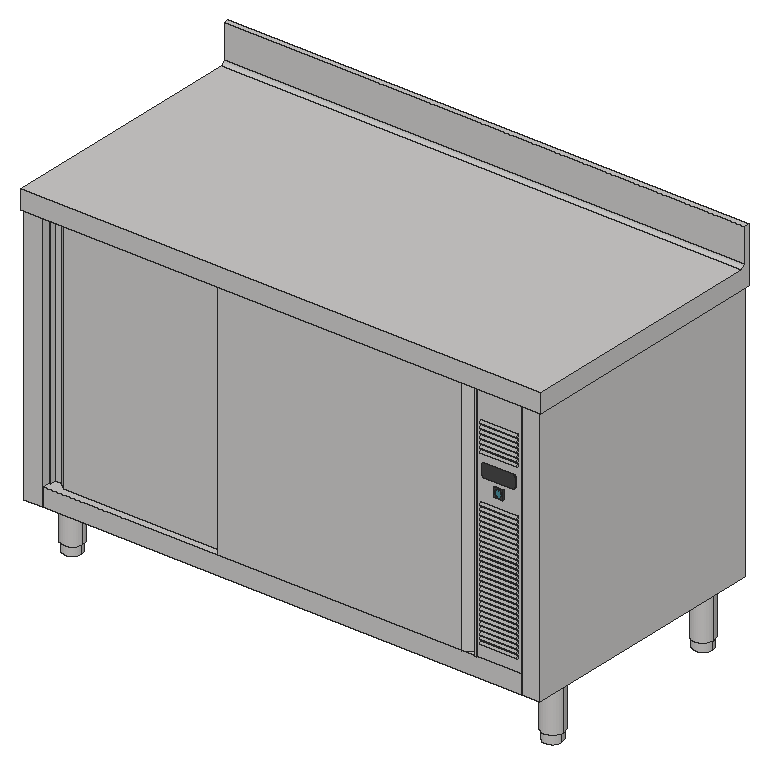
Revit family "QF_ZANUSSI_132792_MTC1410PN", category Attrezzature speciali, Revit 2020
Family settings
  Quota connettore circolare = Usa diametro
  Tipo di parte = Normale
  Basato su piano di lavoro = No
  Sempre verticale = Sì
  Taglio con vuoti quando caricato = No
  Condiviso = No
  Punto di calcolo locali = No
Parameters (values of type "Standard")
  Weight = 60.00 kg
  Watts = 2400 W
  Volts = 220 V
  URL Manufacturer = "http://www.zanussiprofessional.com"
  URL = "http://www.zanussiprofessional.com"
  Steam Supply Size = 0 mm
  Steam Supply Minimum Pressure = 0.0 Pa
  Steam Supply Maximum Pressure = 0.0 Pa
  Steam Consumption per Hour = 0
  Refrigeration Suction Line Size = 0.0 mm
  Refrigeration Liquid Line Size = 0.0 mm
  Refrigerant Compressor Remote = yes
  Prospetto di default = 0.0 mm
  Produttore = "Zanussi"
  Phase = 1
  Modello = "MTC1410PN"
  Length Actual = 1400.0 mm  # constant formula
  Item Number = "132792"
  Hot Water Size = 0 mm
  Height Actual = 1000.0 mm  # constant formula
  HP = "3.2 HP"
  Gas Size = 0 mm
  Gas KW = 0
  Gas Input Pressure = 0 W
  Direct Waste Size = 0 mm
  Descrizione = "HOT CUPB.VENT+UPST+SHELF+SLIDING D. 1400"
  Depth Actual = 700.0 mm  # constant formula
  Cycle = 50 Hz
  Condensate Return Size = 0 mm
  Compressed Air Volume = 0.0 L/s
  Compressed Air Size = 0 mm
  Compressed Air Pressure = 0.0 Pa
  Cold Water Size = 0 mm
  Accessory = yes
Reference planes
  plane 1 "Center (Front/Back)": y = 0
  plane 2: z = 0
  plane 3 "Center (Left/Right)": x = -200
  plane 4 "LEFT": x = -900
  plane 5 "RIGHT": x = 500
  plane 6 "BACK": y = 350
  plane 7 "FRONT": y = -350
  plane 8 "Base": z = 850
  plane 9 "TOP": z = 900
  plane 10: x = -846.5
  plane 11: x = 446.5
  plane 12: y = 264.5
  plane 13: y = -241.5
  plane 14 "BodyLeft": x = -894.5
  plane 15 "BodyFront": y = -344.5
  plane 16 "BodyRight": x = 494.5
  plane 17 "BodyBack": y = 344.5
  plane 18 "FEET": z = 150
  plane 19: x = 324.5
  plane 20: x = -261
  plane 21: x = 444.5
  plane 22 "EIx": x = 400
  plane 23 "EIy": y = -170
Forms (mm)
  Extrusion 1, solid, material "QF_Finishes_Stainless Steel"
    sketch origin (-200, 0, 0) x (0, 1, 0) y (0, 0, 1)
      loop
        line (-350, 850) -> (350, 850) -> (350, 1000) -> (337, 1000) -> (337, 910)
        arc (337, 910) -> (334.071, 902.929) -> (327, 900) r 10
        line (327, 900) -> (-350, 900) -> (-350, 850)
    from 700 to -700
  Extrusion 2, solid, material "QF_Finishes_Stainless Steel"
    sketch origin (0, 0, 150) x (-1, 0, 0) y (0, -1, 0)
      loop
        line (894.5, -344.5) -> (894.5, 344.5) -> (844.5, 344.5) -> (844.5, -344.5) -> (894.5, -344.5)
      loop
        line (-444.5, -344.5) -> (-444.5, 344.5) -> (-494.5, 344.5) -> (-494.5, -344.5) -> (-444.5, -344.5)
    from 0 to 700
  Extrusion 3, solid, material "QF_Finishes_Stainless Steel"
    sketch origin (0, 0, 150) x (-1, 0, 0) y (0, -1, 0)
      loop
        line (844.5, -344.5) -> (844.5, 344.5) -> (-444.5, 344.5) -> (-444.5, -344.5) -> (844.5, -344.5)
    from 0 to 50
  Extrusion 4, solid, material "QF_Finishes_Stainless Steel"
    sketch origin (-1, 0, 150) x (-1, 0, 0) y (0, -1, 0)
      loop
        line (-325.5, 344.5) -> (-325.5, 324.5) -> (370.5, 324.5) -> (370.5, 344.5) -> (-285.5, 344.5) -> (-305.5, 329.5) -> (-320.5, 329.5) -> (-320.5, 344.5) -> (-325.5, 344.5)
    from 50 to 700
  Extrusion 5, solid, material "QF_Finishes_Stainless Steel"
    sketch origin (1, 20, 150) x (1, 0, 0) y (0, 1, 0)
      loop
        line (-845.5, -344.5) -> (-840.5, -344.5) -> (-840.5, -329.5) -> (-825.5, -329.5) -> (-805.5, -344.5) -> (-151.5, -344.5) -> (-151.5, -324.5) -> (-845.5, -324.5) -> (-845.5, -344.5)
    from 50 to 700
  Extrusion 6, solid, material "QF_Finishes_Stainless Steel"
    sketch origin (0, 0, 0) x (1, 0, 0) y (0, 1, 0)
      loop
        line (-844.5, -304.5) -> (324.5, -304.5) -> (324.5, 324.5) -> (-844.5, 324.5) -> (-844.5, -304.5)
    from 500 to 540
  Extrusion 7, solid, material "QF_Finishes_Stainless Steel"
    sketch origin (0, 0, 0) x (1, 0, 0) y (0, 1, 0)
      loop
        line (444.5, 344.5) -> (-844.5, 344.5) -> (-844.5, 324.5) -> (444.5, 324.5) -> (444.5, 344.5)
    from 200 to 850
  Extrusion 8, solid, material "QF_Finishes_Stainless Steel"
    sketch origin (0, 0, 150) x (-1, 0, 0) y (0, -1, 0)
      loop
        circle (-400, 170) r 10
    from 0 to -5
Cuts and joins
  joined: Extrusion 3, Extrusion 7
Lines and regions (mm)
  symbolic lines
    curve 1: line (500, 350, 900) -> (-900, 350, 900)
    curve 2: line (-900, 350, 900) -> (-900, -350, 900)
    curve 3: line (-900, -350, 900) -> (500, -350, 900)
    curve 4: line (500, -350, 900) -> (500, 350, 900)
    curve 15: line (500, 337, 900) -> (-900, 337, 900)
  symbolic lines, style "SpecialityEquipmentHiddenLines"
    curve 5: line (-894.5, 344.5, 150) -> (494.5, 344.5, 150)
    curve 6: line (-894.5, -344.5, 150) -> (-894.5, 344.5, 150)
    curve 7: line (494.5, -344.5, 150) -> (-894.5, -344.5, 150)
    curve 8: line (494.5, 344.5, 150) -> (494.5, -344.5, 150)
    curve 9: line (-845.5, -304.5, 150) -> (-149.5, -304.5, 150)
    curve 10: line (-149.5, -304.5, 150) -> (-149.5, -324.5, 150)
    curve 11: line (-845.5, -324.5, 150) -> (324.5, -324.5, 150)
    curve 12: line (324.5, -324.5, 150) -> (324.5, -344.5, 150)
    curve 13: line (-845.5, -304.5, 150) -> (-845.5, -324.5, 150)
    curve 14: line (-371.5, -344.5, 0) -> (-371.5, -324.5, 0)
Dimensions and locks
  plane 4 "LEFT" to plane 5 "RIGHT" = 1400.0 mm
  equal spacing: plane 4 "LEFT", plane 3 "Center (Left/Right)", plane 5 "RIGHT"
  locked: plane 8 "Base" to level at 850
  plane 9 "TOP" to level = 900.0 mm
  plane 6 "BACK" to plane 7 "FRONT" = 700.0 mm
  equal spacing: plane 6 "BACK", plane 1 "Center (Front/Back)", plane 7 "FRONT"
  locked: plane 4 "LEFT" to plane 14 "BodyLeft" at 5.5
  locked: plane 16 "BodyRight" to plane 5 "RIGHT" at 5.5
  locked: plane 15 "BodyFront" to plane 7 "FRONT" at 5.5
  locked: plane 6 "BACK" to plane 17 "BodyBack" at 5.5
  locked: plane 14 "BodyLeft" to plane 10 at 48
  locked: plane 11 to plane 16 "BodyRight" at 48
  locked: plane 13 to plane 15 "BodyFront" at 103
  locked: plane 17 "BodyBack" to plane 12 at 80
  plane 10 to plane 11 = 1293.0 mm
  plane 12 to plane 13 = 506.0 mm
  locked: plane 14 "BodyLeft" to Extrusion 2 sketch curve at 50
  locked: Extrusion 2 sketch curve to Extrusion 2 sketch curve at 50
  equal spacing: plane 10, plane 20, plane 19
  locked: plane 21 to plane 16 "BodyRight" at 50
  locked: plane 19 to plane 21 at 120
  locked: Extrusion 4 sketch curve to plane 20 at 110.5
  locked: plane 20 to Extrusion 5 sketch curve at 110.5
  locked: plane 18 "FEET" to level at 150
  locked: plane 22 "EIx" to plane 5 "RIGHT" at 100
  plane 23 "EIy" to plane 7 "FRONT" = 180.0 mm
  locked: Extrusion 1 to level at 1000
  aligned and locked: level to plane 2
  aligned and locked: plane 10 to nested 1
  aligned and locked: nested 1 to plane 13
  aligned and locked: plane 11 to nested 2
  aligned and locked: nested 2 to plane 13
  aligned and locked: plane 11 to nested 4
  aligned and locked: nested 4 to plane 12
  aligned and locked: plane 10 to nested 3
  aligned and locked: nested 3 to plane 12
  aligned and locked: Extrusion 1 to plane 4 "LEFT"
  aligned and locked: plane 5 "RIGHT" to Extrusion 1
  aligned and locked: curve 2 to plane 4 "LEFT"
  aligned and locked: plane 17 "BodyBack" to Extrusion 2 sketch curve
  aligned and locked: Extrusion 2 sketch curve to plane 15 "BodyFront"
  aligned and locked: Extrusion 2 sketch curve to plane 14 "BodyLeft"
  aligned and locked: plane 16 "BodyRight" to Extrusion 2 sketch curve
  aligned and locked: Extrusion 2 sketch curve to plane 17 "BodyBack"
  aligned and locked: plane 15 "BodyFront" to Extrusion 2 sketch curve
  aligned and locked: Extrusion 3 sketch curve to plane 17 "BodyBack"
  aligned and locked: plane 15 "BodyFront" to Extrusion 3 sketch curve
  aligned and locked: plane 8 "Base" to Extrusion 2
  aligned and locked: plane 8 "Base" to Extrusion 4
  aligned and locked: Extrusion 4 to Extrusion 3
  aligned and locked: Extrusion 1 to plane 8 "Base"
  aligned and locked: plane 9 "TOP" to Extrusion 1
  aligned and locked: curve 5 to plane 17 "BodyBack"
  aligned and locked: plane 14 "BodyLeft" to curve 6
  aligned and locked: plane 15 "BodyFront" to curve 7
  aligned and locked: plane 16 "BodyRight" to curve 8
  aligned and locked: Extrusion 3 to Extrusion 2  (x2)
  aligned and locked: Extrusion 6 sketch curve to Extrusion 2
  aligned and locked: Extrusion 6 sketch curve to Extrusion 5
  aligned and locked: nested 5 to plane 21
  aligned and locked: Extrusion 7 sketch curve to Extrusion 2
  aligned and locked: Extrusion 6 sketch curve to plane 19
Automatic sketch dimensions
  Extrusion 8 sketch curve to plane 22 "EIx" = 0.0 mm
  Extrusion 8 sketch curve to plane 23 "EIy" = 0.0 mm
  curve 14 to plane 15 "BodyFront" = 0.0 mm
  plane 15 "BodyFront" to curve 14 = 20.0 mm
  curve 14 to plane 20 = 110.5 mm
  curve 3 to plane 7 "FRONT" = 0.0 mm
  curve 15 to plane 5 "RIGHT" = 0.0 mm
  curve 4 to plane 6 "BACK" = 0.0 mm
  curve 15 to plane 17 "BodyBack" = 7.5 mm
  Extrusion 1 sketch curve to plane 7 "FRONT" = 0.0 mm
  Extrusion 1 sketch curve to plane 9 "TOP" = 0.0 mm
  Extrusion 1 sketch curve to plane 6 "BACK" = 0.0 mm
  Extrusion 1 sketch curve to plane 8 "Base" = 0.0 mm
  Extrusion 1 sketch curve to plane 17 "BodyBack" = 17.5 mm
  Extrusion 1 sketch curve to plane 17 "BodyBack" = 7.5 mm
  Extrusion 1 sketch curve to Extrusion 1 sketch curve = 90.0 mm
  Extrusion 3 sketch curve to plane 21 = 0.0 mm
  plane 10 to Extrusion 3 sketch curve = 2.0 mm
  Extrusion 4 sketch curve to plane 19 = 0.0 mm
  Extrusion 4 sketch curve to plane 15 "BodyFront" = 0.0 mm  (x2)
  Extrusion 4 sketch curve to Extrusion 4 sketch curve = 5.0 mm
  Extrusion 4 sketch curve to Extrusion 4 sketch curve = 15.0 mm  (x2)
  Extrusion 4 sketch curve to Extrusion 4 sketch curve = 20.0 mm  (x2)
  Extrusion 5 sketch curve to plane 15 "BodyFront" = 20.0 mm  (x2)
  Extrusion 5 sketch curve to plane 10 = 42.0 mm
  Extrusion 5 sketch curve to plane 10 = 22.0 mm
  Extrusion 5 sketch curve to plane 10 = 7.0 mm
  Extrusion 5 sketch curve to plane 10 = 2.0 mm
  Extrusion 5 sketch curve to Extrusion 5 sketch curve = 15.0 mm
  Extrusion 5 sketch curve to Extrusion 5 sketch curve = 20.0 mm
  curve 12 to plane 19 = 0.0 mm
  curve 7 to plane 15 "BodyFront" = 0.0 mm
  plane 3 "Center (Left/Right)" to curve 10 = 50.5 mm
  plane 10 to curve 13 = 1.0 mm
  plane 15 "BodyFront" to curve 9 = 40.0 mm
  plane 15 "BodyFront" to curve 11 = 20.0 mm
  Extrusion 6 sketch curve to plane 17 "BodyBack" = 20.0 mm
  Extrusion 7 sketch curve to plane 21 = 0.0 mm
  Extrusion 7 sketch curve to plane 17 "BodyBack" = 0.0 mm
  Extrusion 7 sketch curve to Extrusion 7 sketch curve = 20.0 mm
  radius of Extrusion 8 sketch curve = 10.0 mm
Nested families
  nested 1: "FEET_D58-150" at (-846.5, -241.5, 0), type "FEET_D58-150"
  nested 2: "FEET_D58-150" at (446.5, -241.5, 0), type "FEET_D58-150"
  nested 3: "FEET_D58-150" at (-846.5, 264.5, 0), type "FEET_D58-150"
  nested 4: "FEET_D58-150" at (446.5, 264.5, 0), type "FEET_D58-150"
  nested 5: "WT_PNL120x650" at (531.42, -304.5, 600) x (1, 0, 0) z (0, -1, 0), type "WT_PNL120x650"
    with Show Logo yes
Connectors
  electrical at (400, -170, 145)
    settings: on Extrusion 8, index 1, voltage 0 V, apparent load 0 VA, apparent load phase1 0 VA, apparent load phase2 0 VA, apparent load phase3 0 VA, power factor 1, load classification "Other", number of poles 1, system type 30, power factor state 1, is connector primary yes, connector utility no, sub classification motor no, connector description "Electrical connection"
Definition of nested family "FEET_D58-150"
  Parameters
    Default Elevation = 0.0 mm
    FEET = 150.0 mm
  Reference planes
    plane 1 "Center (Front/Back)": y = 0
    plane 2: z = 0
    plane 3 "Center (Left/Right)": x = 0
    plane 4: z = 150
  Forms (mm)
    Extrusion 1, solid
      sketch origin (0, 0, 0) x (1, 0, 0) y (0, 1, 0)
        loop
          circle (0, 0) r 25
      from 0 to 25
    Extrusion 2, solid
      sketch origin (0, 0, 0) x (1, 0, 0) y (0, 1, 0)
        loop
          circle (0.061, 0) r 29
      from 25 to 150 <- "FEET"
  Lines and regions (mm)
    symbolic lines
      curve 1: line (0, -1.503, 0) -> (0, 1.508, 0)
      curve 2: line (1.561, 0, 0) -> (-1.439, 0, 0)
  Dimensions and locks
    "FEET": plane 4 to plane 2
    aligned and locked: level to plane 2
  Automatic sketch dimensions
    plane 1 "Center (Front/Back)" to Extrusion 1 sketch curve = 0.0 mm
    Extrusion 1 sketch curve to plane 3 "Center (Left/Right)" = 0.0 mm
    plane 1 "Center (Front/Back)" to curve 2 = 0.0 mm
    curve 1 to plane 3 "Center (Left/Right)" = 0.0 mm
    curve 2 to plane 3 "Center (Left/Right)" = 1.439 mm
    plane 3 "Center (Left/Right)" to curve 2 = 1.561 mm
    plane 1 "Center (Front/Back)" to curve 1 = 1.503 mm
    curve 1 to plane 1 "Center (Front/Back)" = 1.508 mm
    plane 1 "Center (Front/Back)" to Extrusion 2 sketch curve = 0.0 mm
    plane 3 "Center (Left/Right)" to Extrusion 2 sketch curve = 0.061 mm
    radius of Extrusion 1 sketch curve = 25.0 mm
    radius of Extrusion 2 sketch curve = 29.0 mm
Definition of nested family "WT_PNL120x650"
  Parameters
    Show Logo [instance] = yes
    Default Elevation = 1219.2 mm
  Reference planes
    plane 1 "Center (Front/Back)": y = -75
    plane 2: z = 0
    plane 3 "Center (Left/Right)": x = -146.92
    plane 4: x = -206.92
    plane 5: x = -86.92
    plane 6: y = 250
    plane 7: y = -400
    plane 8 "TOP": z = 40
  Forms (mm)
    Extrusion 1, solid
      sketch origin (0, 0, 0) x (1, 0, 0) y (0, 1, 0)
        loop
          line (-1219.2, 1219.2) -> (-1219.2, -1219.2) -> (1219.2, -1219.2) -> (1219.2, 1219.2) -> (-1219.2, 1219.2)
      from 0 to -304.8
    Extrusion 2, solid
      sketch origin (0, 0, 0) x (1, 0, 0) y (0, 1, 0)
        loop
          line (-206.92, 250) -> (-206.92, -400) -> (-86.92, -400) -> (-86.92, 250) -> (-206.92, 250)
      from 0 to 40
    Extrusion 3, void
      sketch origin (0, 0, 40) x (-1, 0, 0) y (0, -1, 0)
        loop
          arc (101.92, -68.899) -> (103.795, -73.256) -> (108.247, -74.89) r 6
          line (108.247, -74.89) -> (185.92, -74.89)
          arc (185.92, -74.89) -> (190.163, -73.133) -> (191.92, -68.89) r 6
          line (191.92, -68.89) -> (191.92, -45.89)
          arc (191.92, -45.89) -> (190.163, -41.648) -> (185.92, -39.89) r 6
          line (185.92, -39.89) -> (107.92, -39.89)
          arc (107.92, -39.89) -> (103.677, -41.648) -> (101.92, -45.89) r 6
          line (101.92, -45.89) -> (101.92, -68.899)
        loop
          line (158.92, -27.89) -> (158.92, -2.89) -> (134.92, -2.89) -> (134.92, -27.89) -> (158.92, -27.89)
      from -2 to 0
    Extrusion 4, solid
      sketch origin (0, 0, 40) x (-1, 0, 0) y (0, -1, 0)
        loop
          line (185.92, -39.89) -> (107.92, -39.89)
          arc (107.92, -39.89) -> (103.677, -41.648) -> (101.92, -45.89) r 6
          line (101.92, -45.89) -> (101.92, -68.899)
          arc (101.92, -68.899) -> (103.795, -73.256) -> (108.247, -74.89) r 6
          line (108.247, -74.89) -> (185.92, -74.89)
          arc (185.92, -74.89) -> (190.163, -73.133) -> (191.92, -68.89) r 6
          line (191.92, -68.89) -> (191.92, -45.89)
          arc (191.92, -45.89) -> (190.163, -41.648) -> (185.92, -39.89) r 6
      from -2 to 1
    Extrusion 5, solid
      sketch origin (-146.92, 0, 0) x (0, 1, 0) y (0, 0, 1)
        loop
          line (95.896, 40) -> (104.899, 40) -> (95.896, 41.206) -> (95.896, 40)
        loop
          line (107.896, 40) -> (116.899, 40) -> (107.896, 41.206) -> (107.896, 40)
        loop
          line (119.896, 40) -> (128.899, 40) -> (119.896, 41.206) -> (119.896, 40)
        loop
          line (131.896, 40) -> (140.899, 40) -> (131.896, 41.206) -> (131.896, 40)
        loop
          line (143.896, 40) -> (152.899, 40) -> (143.896, 41.206) -> (143.896, 40)
        loop
          line (155.896, 40) -> (164.899, 40) -> (155.896, 41.206) -> (155.896, 40)
        loop
          line (167.896, 40) -> (176.899, 40) -> (167.896, 41.206) -> (167.896, 40)
        loop
          line (-102.104, 40) -> (-93.101, 40) -> (-102.104, 41.206) -> (-102.104, 40)
        loop
          line (-90.104, 40) -> (-81.101, 40) -> (-90.104, 41.206) -> (-90.104, 40)
        loop
          line (-78.104, 40) -> (-69.101, 40) -> (-78.104, 41.206) -> (-78.104, 40)
        loop
          line (-66.104, 40) -> (-57.101, 40) -> (-66.104, 41.206) -> (-66.104, 40)
        loop
          line (-54.104, 40) -> (-45.101, 40) -> (-54.104, 41.206) -> (-54.104, 40)
        loop
          line (-42.104, 40) -> (-33.101, 40) -> (-42.104, 41.206) -> (-42.104, 40)
        loop
          line (-30.104, 40) -> (-21.101, 40) -> (-30.104, 41.206) -> (-30.104, 40)
        loop
          line (-174.104, 40) -> (-165.101, 40) -> (-174.104, 41.206) -> (-174.104, 40)
        loop
          line (-162.104, 40) -> (-153.101, 40) -> (-162.104, 41.206) -> (-162.104, 40)
        loop
          line (-150.104, 40) -> (-141.101, 40) -> (-150.104, 41.206) -> (-150.104, 40)
        loop
          line (-138.104, 40) -> (-129.101, 40) -> (-138.104, 41.206) -> (-138.104, 40)
        loop
          line (-126.104, 40) -> (-117.101, 40) -> (-126.104, 41.206) -> (-126.104, 40)
        loop
          line (-114.104, 40) -> (-105.101, 40) -> (-114.104, 41.206) -> (-114.104, 40)
        loop
          line (-246.104, 40) -> (-237.101, 40) -> (-246.104, 41.206) -> (-246.104, 40)
        loop
          line (-234.104, 40) -> (-225.101, 40) -> (-234.104, 41.206) -> (-234.104, 40)
        loop
          line (-222.104, 40) -> (-213.101, 40) -> (-222.104, 41.206) -> (-222.104, 40)
        loop
          line (-210.104, 40) -> (-201.101, 40) -> (-210.104, 41.206) -> (-210.104, 40)
        loop
          line (-198.104, 40) -> (-189.101, 40) -> (-198.104, 41.206) -> (-198.104, 40)
        loop
          line (-186.104, 40) -> (-177.101, 40) -> (-186.104, 41.206) -> (-186.104, 40)
        loop
          line (-318.104, 40) -> (-309.101, 40) -> (-318.104, 41.206) -> (-318.104, 40)
        loop
          line (-306.104, 40) -> (-297.101, 40) -> (-306.104, 41.206) -> (-306.104, 40)
        loop
          line (-294.104, 40) -> (-285.101, 40) -> (-294.104, 41.206) -> (-294.104, 40)
        loop
          line (-282.104, 40) -> (-273.101, 40) -> (-282.104, 41.206) -> (-282.104, 40)
        loop
          line (-270.104, 40) -> (-261.101, 40) -> (-270.104, 41.206) -> (-270.104, 40)
        loop
          line (-258.104, 40) -> (-249.101, 40) -> (-258.104, 41.206) -> (-258.104, 40)
        loop
          line (-366.104, 40) -> (-357.101, 40) -> (-366.104, 41.206) -> (-366.104, 40)
        loop
          line (-354.104, 40) -> (-345.101, 40) -> (-354.104, 41.206) -> (-354.104, 40)
        loop
          line (-342.104, 40) -> (-333.101, 40) -> (-342.104, 41.206) -> (-342.104, 40)
        loop
          line (-330.104, 40) -> (-321.101, 40) -> (-330.104, 41.206) -> (-330.104, 40)
      from -50 to 50
    Extrusion 6, solid
      sketch origin (0, 0, 40) x (-1, 0, 0) y (0, -1, 0)
        loop
          line (134.92, -27.89) -> (158.92, -27.89) -> (158.92, -2.89) -> (134.92, -2.89) -> (134.92, -27.89)
        loop
          circle (146.92, -15.39) r 9
      from -2 to 3
    Extrusion 7, solid
      sketch origin (0, 0, 40) x (-1, 0, 0) y (0, -1, 0)
        loop
          circle (146.92, -15.39) r 9
      from 0 to 3
  Cuts and joins
    Extrusion 3 cuts Extrusion 2
  Dimensions and locks
    equal spacing: plane 6, plane 1 "Center (Front/Back)", plane 7
    equal spacing: plane 4, plane 3 "Center (Left/Right)", plane 5
    plane 8 "TOP" to level = 40.0 mm
    aligned and locked: plane 2 to Extrusion 1
    aligned and locked: level to Extrusion 1
  Automatic sketch dimensions
    Extrusion 1 sketch curve to Extrusion 1 sketch curve = 2438.4 mm  (x2)
    Extrusion 2 sketch curve to plane 4 = 0.0 mm
    Extrusion 2 sketch curve to plane 5 = 0.0 mm
    Extrusion 2 sketch curve to plane 7 = 0.0 mm
    Extrusion 2 sketch curve to plane 6 = 0.0 mm
    Extrusion 5 sketch curve to plane 8 "TOP" = 0.0 mm  (x36)
    Extrusion 5 sketch curve to Extrusion 5 sketch curve = 9.003 mm  (x35)
    plane 8 "TOP" to Extrusion 5 sketch curve = 1.206 mm  (x22)
    Extrusion 5 sketch curve to Extrusion 5 sketch curve = 2.997 mm  (x33)
    plane 1 "Center (Front/Back)" to Extrusion 5 sketch curve = 6.101 mm
    plane 1 "Center (Front/Back)" to Extrusion 5 sketch curve = 3.104 mm
    Extrusion 5 sketch curve to plane 1 "Center (Front/Back)" = 5.899 mm
    Extrusion 5 sketch curve to Extrusion 5 sketch curve = 116.997 mm
    Extrusion 5 sketch curve to Extrusion 5 sketch curve = 1.206 mm  (x14)
    Extrusion 4 sketch curve to plane 5 = 15.0 mm
    Extrusion 4 sketch curve to Extrusion 4 sketch curve = 6.0 mm  (x3)
    Extrusion 4 sketch curve to Extrusion 4 sketch curve = 0.327 mm
    plane 4 to Extrusion 4 sketch curve = 21.0 mm  (x2)
    Extrusion 4 sketch curve to plane 1 "Center (Front/Back)" = 149.89 mm
    Extrusion 4 sketch curve to Extrusion 4 sketch curve = 23.009 mm
    Extrusion 3 sketch curve to plane 5 = 15.0 mm
    Extrusion 3 sketch curve to Extrusion 3 sketch curve = 6.0 mm  (x3)
    Extrusion 3 sketch curve to Extrusion 3 sketch curve = 0.327 mm
    plane 3 "Center (Left/Right)" to Extrusion 3 sketch curve = 12.0 mm
    Extrusion 3 sketch curve to plane 3 "Center (Left/Right)" = 12.0 mm
    plane 4 to Extrusion 3 sketch curve = 21.0 mm  (x2)
    Extrusion 3 sketch curve to plane 1 "Center (Front/Back)" = 149.89 mm
    Extrusion 3 sketch curve to Extrusion 3 sketch curve = 23.0 mm
    Extrusion 3 sketch curve to Extrusion 3 sketch curve = 12.0 mm
    Extrusion 3 sketch curve to Extrusion 3 sketch curve = 25.0 mm
    Extrusion 6 sketch curve to plane 3 "Center (Left/Right)" = 0.0 mm
    plane 3 "Center (Left/Right)" to Extrusion 6 sketch curve = 12.0 mm
    Extrusion 6 sketch curve to plane 3 "Center (Left/Right)" = 12.0 mm
    Extrusion 6 sketch curve to plane 1 "Center (Front/Back)" = 102.89 mm
    Extrusion 6 sketch curve to Extrusion 6 sketch curve = 12.5 mm  (x2)
    Extrusion 7 sketch curve to plane 3 "Center (Left/Right)" = 0.0 mm
    Extrusion 7 sketch curve to plane 1 "Center (Front/Back)" = 90.39 mm
    radius of Extrusion 6 sketch curve = 9.0 mm
    radius of Extrusion 7 sketch curve = 9.0 mm
